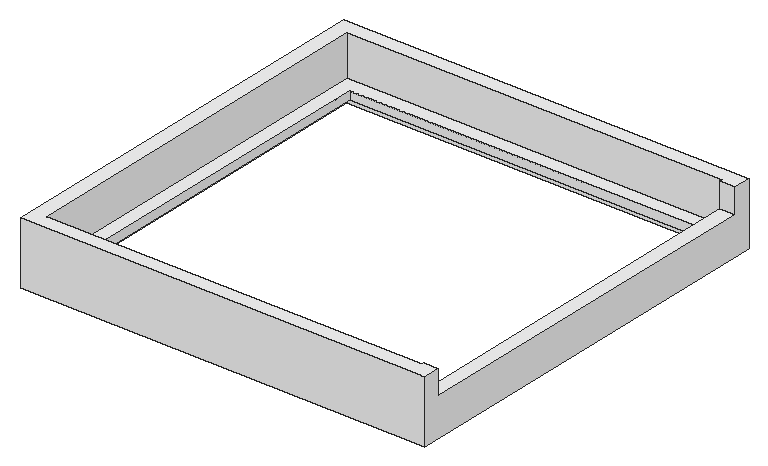
Revit family "Gira_028228", category Electrical Fixtures, host Face, Revit 2017
Family settings
  Host = Face
  Maintain Annotation Orientation = No
  Round Connector Dimension = Use Diameter
  Part Type = Normal
  Cut with Voids When Loaded = No
  Shared = No
  Room Calculation Point = No
Parameters (values of type "Adapter fr. square 50 x 50 mm System 55 anthra.")
  URL = "http://katalog.gira.de/en/datenblatt.html?artikelnr=028228"
  Name = "Adapter fr. square 50 x 50 mm System 55 anthra."
  Manufacturer URL = "https://www.gira.de/"
  Manufacturer = "Gira"
  Keynote = ""
  HeinzeBIM = "https://bimportal.heinze.de/bim/adapter-fr-square-50-x-50-mm-system-55-anthra-/7da91eb8375fb8b98f2a67fb3c9e722437cbcedf"
  HAN = "028228"
  GTIN = "4010337282280"
  Dimensions = "SQ50 / SQ50"
  Description = "Adap.fr.square 50x50mm Sys55 AN,Adapter frame with square cut-out for devices with cover (50 x 50 mm),,anthracite,Features:,- Devices with a square central plate (50 x 50 mm) from other manufacturers, e. g. Alcatel, AMP Econo Link System, Brand-Rex, BTR, Cellpack ITT Cannon Cat. 5, Deutsche Telekom, Drahtex, Hirose, Kannegieter BICC Brand Rex, Kerpen ELine 600, Krone, Molex, Nedap, Panduit, Quante, Reichle de Massari, Rutenbeck, Schumann Netzwerktechnik, HomeWay, Siemens ICCS 100, 300 and 600, Telegärtner, Telenorma, TKM (4 x RJ45 shielded, Cat. 5) can be integrated into the design line with the adapter frame and cover frame (1-gang to 5-gang)."
  Default Elevation = 1219.2 mm
  Data sheet (1) = "https://katalog.gira.de/en/download.html?artikelnr=028228"
  Category = "Transition adapter for domestic switching devices"
  BIM (1) = "https://media.stage.bim.site/public/gira/36a6b08/Sys55_Adapterrahmen_50x50.rfa"
  Available = "No"
Reference planes
  plane 1 "Center (Front/Back)": y = 0
  plane 2: z = 0
  plane 3 "Center (Left/Right)": x = 0
  plane 4: y = 27.7
  plane 5: y = -27.7
  plane 6: x = 27.7
  plane 7: x = -27.7
  plane 8: y = -25.4
  plane 9: y = 25.4
Forms (mm)
  Extrusion 1, solid, material "White", detail levels fine
    sketch origin (0, 0, 0) x (1, 0, 0) y (0, 1, 0)
      loop
        line (-27.7, 27.7) -> (-27.7, -27.7) -> (27.7, -27.7) -> (27.7, 27.7) -> (-27.7, 27.7)
      loop
        line (-25.7, 25.7) -> (-25.7, -25.7) -> (25.7, -25.7) -> (25.7, 25.7) -> (-25.7, 25.7)
    from 0 to 8.6
  Extrusion 2, solid, material "White", detail levels fine
    sketch origin (0, 0, 0) x (1, 0, 0) y (0, 1, 0)
      loop
        line (-25.7, 25.7) -> (-25.7, -25.7) -> (25.7, -25.7) -> (25.7, 25.7) -> (-25.7, 25.7)
      loop
        line (-23.7, 23.7) -> (-23.7, -23.7) -> (23.7, -23.7) -> (23.7, 23.7) -> (-23.7, 23.7)
    from 1.9 to 3.1
  Extrusion 3, void, detail levels fine
    sketch origin (0, 0, 0) x (1, 0, 0) y (0, 1, 0)
      loop
        line (27.7, 25.4) -> (25.7, 25.4) -> (25.7, -25.4) -> (27.7, -25.4) -> (27.7, 25.4)
    from 5.2 to 10
  Extrusion 4, solid, material "White", detail levels coarse+medium
    sketch origin (0, 0, 0) x (1, 0, 0) y (0, 1, 0)
      loop
        line (-27.7, 27.7) -> (-27.7, -27.7) -> (27.7, -27.7) -> (27.7, 27.7) -> (-27.7, 27.7)
    from 0 to 8.6
Cuts and joins
  Extrusion 3 cuts Extrusion 1
  Extrusion 3 cuts Extrusion 2
Dimensions and locks
  aligned and locked: plane 2 to host face
  aligned and locked: level to host face
